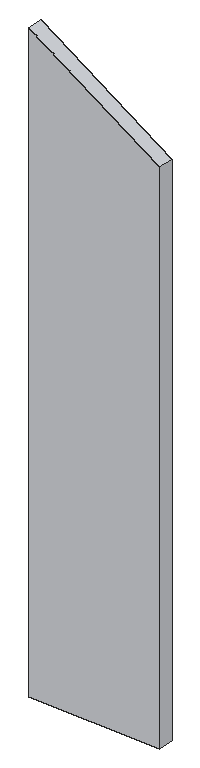
Revit family "EXP_WT-1C_CPan-012", category Curtain Panels, Revit 2021
Family settings
  OmniClass Number = 23.25.20.14.11.11.17
  OmniClass Title = Infill Panels
  Always vertical = Yes
  Cut with Voids When Loaded = No
  Shared = No
Parameters (values of type "H = Positive")
  UI-UnitNumber [instance] = "001"
  UI-Quadrant [instance] = "SE"
  UI-ProjectAbbreviation = "NEU"
  UI-ItemCategory = "PID"
  UI-FloorNumber [instance] = "03"
  PNT-WallType = "WT1C"
  PNT-ProjectAbbreviation = "NEU"
  PNT-PanelType [instance] = "01"
  PNT-ItemCategory = "PNL"
  HSX [instance] = (DistanceLevel - (CellH + DistanceAxis)) + HModSX  # 28' - 11"
  HModSX [instance] = 13' - 6"
  HModDX [instance] = 18' - 1"
  HDX [instance] = (DistanceLevel - (CellH + DistanceAxis)) + HModDX  # 33' - 6"
  GlassH1 [instance] = none
  DistanceLevel = 21' - 9"
  DistanceAxis [instance] = 4' - 10"
  Define Thermal Properties by = Schematic Type
  CellSxH [instance] = HSX + CellH  # 30' - 5"
  CellSp = 0' - 10 3/16"
  CellL [instance] = 1' - 0"
  CellH2 [instance] = 9' - 8"
  CellH [instance] = 1' - 6"
  CellDxH [instance] = HDX + CellH  # 35' - 0"
  CellAngle [instance] = 45.00°
  AncleTrapezoid [instance] = 120.872°
  Analytic Construction = "<None>"
Reference planes (in)
  plane 1 "Center (Front/Back)": y = 0
  plane 2: z = 0
  plane 3 "Center (Left/Right)": x = 0
  plane 4 "Left": x = -46
  plane 5 "Right": x = 46
  plane 6 "Top": z = 18
  plane 7: y = -10.1875
  plane 8: z = 365
  plane 9: z = 420
Forms (in)
  Extrusion 1, solid, material <- "GlassH1"
    sketch origin (0, 0, 0) x (1, 0, 0) y (0, 0, 1)
      loop
        line (46, 365) -> (-46, 420) -> (-46, 0) -> (46, 0) -> (46, 365)
    from 0 to 10.1875
Lines and regions (in)
  reference lines
    curve 1: line (46, 0, 365) -> (-46, 0, 420)
Text (in)
  text "Exterior" at (-92.59733, 55.75508, 0), in view "Ref. Level"
  text "Exterior" at (0, 90.18664, 173.49264), in view "Left"
  text "Exterior" at (0, 52.29083, 162.21847), in view "Right"
Dimensions and locks (in)
  equal spacing: plane 4 "Left", plane 3 "Center (Left/Right)", plane 5 "Right"  (x2)
  plane 4 "Left" to plane 5 "Right" = 7' - 8"
  "CellSp": plane 7 to plane 1 "Center (Front/Back)"
  "CellH": plane 2 to plane 6 "Top"
  "HSX": plane 6 "Top" to plane 8
  "HDX": plane 6 "Top" to plane 9
  "AncleTrapezoid": angle plane 5 "Right" to curve 1
  aligned and locked: level to plane 2
  aligned and locked: plane 5 "Right" to Extrusion 1 sketch curve
  aligned and locked: Extrusion 1 sketch curve to plane 4 "Left"
  aligned and locked: Extrusion 1 to plane 7
  aligned and locked: plane 2 to Extrusion 1 sketch curve
Automatic sketch dimensions
  Extrusion 1 sketch curve to plane 8 = 0' - 0"
  Extrusion 1 sketch curve to plane 9 = 0' - 0"
  curve 1 to plane 4 "Left" = 0' - 0"
  curve 1 to plane 8 = 0' - 0"
